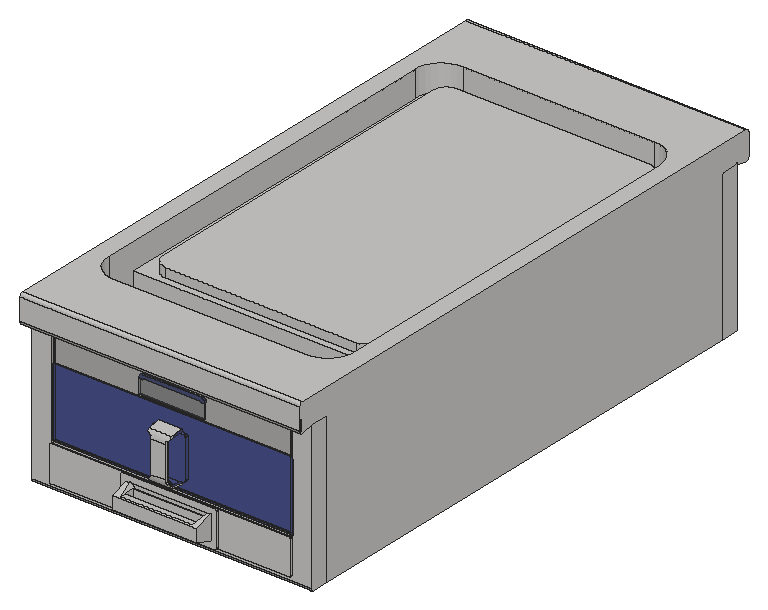
Revit family "QF_ELECTROLUXPROFESSIONAL_588056_MAHMAADOAO", category Specialty Equipment, Revit 2018
Family settings
  Round Connector Dimension = Use Diameter
  Part Type = Normal
  Work Plane-Based = No
  Always vertical = Yes
  Cut with Voids When Loaded = No
  Shared = No
  Room Calculation Point = No
Parameters
  Weight in Pounds = 152.1  # constant formula
  Watts = 5100 VA  # 5100 W
  Volts = 400 V  # constant formula
  URL Cutsheet = ""
  Type Mark [instance] = ""
  Status [instance] = ""
  Specification by User [instance] = ""
  Specification by Manufacturer = ""
  Show Clearance [instance] = yes
  Serial Number = ""
  Seismic Rating = ""
  SMACNA No = ""
  Revision Code [instance] = ""
  Phase = 3  # constant formula
  Omniclass Number and Title = ""
  Number of Poles [instance] = 1
  NAFEM Spec ID Number = ""
  Model = "588056"
  Min Ckt Ampacity = 0 A
  Max Overcurrent Protection = 0 A
  Masterspec = ""
  Manufacturer = "ELECTROLUX"
  Item Number [instance] = ""
  Installed By [instance] = ""
  Identify Quantity as Lot [instance] = yes
  HP = "6.8 HP"
  Furnished By [instance] = ""
  Foodservice Equipment Identifier [instance] = yes
  FL Amps [instance] = if(Phase = 3, Watts / (Volts * 1.73), Watts / Volts)  # 7.36994 A
  Electrical Remarks = "400 V/3N ph/50/60 Hz"  # constant formula
  Electric Connection Type [instance] = ""
  Elec Conn RI Height [instance] = 0 mm
  Elec Conn Connection Height [instance] = 0 mm
  Direct Waste Size = 0"
  Description = "EL.FRYTOP,SMOOTH PL,1-SIDE,400X800X250H"
  Cycle [instance] = if([60 Hertz Option], 60 Hz, 50 Hz)  # 60 Hz
  Conn Plug = ""
  Conn Conduit = yes
  CSI MasterFormat = ""
  CSI Master Format = ""
  Back Panel [instance] = yes
  Apparent Power [instance] = if(Phase = 3, Volts * FL Amps * 1.73, Volts * FL Amps)  # 5100 VA
  60 Hertz Option [instance] = not([50 Hertz Option])  # yes
  50 Hertz Option [instance] = no
Reference planes
  plane 1 "BACK": y = -100
  plane 2: z = 0
  plane 3 "LEFT": x = 0
  plane 4 "RIGHT": x = 400
  plane 5 "FRONT": y = -900
  plane 6 "TOP": z = 250
  plane 7: x = 200
  plane 8: y = -500
  plane 9: z = 582.185
  plane 10: y = -1330
Forms (mm)
  Extrusion 1, solid, material "QF_Finishes_Stainless Steel"
    sketch origin (0, -487.128, 0) x (0, 1, 0) y (0, 0, 1)
      loop
        line (383.128, 250) -> (-408.872, 250)
        arc (-408.872, 250) -> (-411.7, 248.828) -> (-412.872, 246) r 4
        line (-412.872, 246) -> (-412.872, 214)
        arc (-412.872, 214) -> (-411.443, 210.936) -> (-408.177, 210.061) r 4
        line (-408.177, 210.061) -> (-391.509, 213) -> (-366.872, 213) -> (-366.872, 0) -> (341.128, 0) -> (341.128, 213) -> (365.765, 213) -> (382.433, 210.061)
        arc (382.433, 210.061) -> (385.699, 210.936) -> (387.128, 214) r 4
        line (387.128, 214) -> (387.128, 246)
        arc (387.128, 246) -> (385.956, 248.828) -> (383.128, 250) r 4
    from 0 to 400
  Extrusion 2, solid, material "QF_Finishes_Stainless Steel", visible <- "Back Panel"
    sketch origin (0, 0, 0) x (0, 1, 0) y (0, 0, 1)
      loop
        line (-146, 0) -> (-120, 0) -> (-120, 215)
        arc (-120, 215) -> (-120.586, 213.586) -> (-122, 213) r 2
        line (-122, 213) -> (-146, 213) -> (-146, 0)
    from 0 to 400
  Extrusion 3, void
    sketch origin (653.786, -55.952, 250) x (1, 0, 0) y (0, -1, 0)
      loop
        line (-590.636, 133.048) -> (-316.936, 133.048)
        arc (-316.936, 133.048) -> (-289.96, 144.222) -> (-278.786, 171.198) r 38.15
        line (-278.786, 171.198) -> (-278.786, 716.572)
        arc (-278.786, 716.572) -> (-290.056, 743.779) -> (-317.263, 755.048) r 38.476
        line (-317.263, 755.048) -> (-591.786, 755.048)
        arc (-591.786, 755.048) -> (-617.949, 744.211) -> (-628.786, 718.048) r 37
        line (-628.786, 718.048) -> (-628.786, 171.198)
        arc (-628.786, 171.198) -> (-617.613, 144.222) -> (-590.636, 133.048) r 38.15
    from 0 to 37
  Extrusion 4, void
    sketch origin (1307.573, -7.904, 213) x (0, 1, 0) y (1, 0, 0)
      loop
        line (-721.846, -932.573) -> (-764.62, -932.573)
        arc (-764.62, -932.573) -> (-791.827, -943.842) -> (-803.096, -971.049) r 38.476
        line (-803.096, -971.049) -> (-803.096, -1245.573)
        arc (-803.096, -1245.573) -> (-792.259, -1271.736) -> (-766.096, -1282.573) r 37
        line (-766.096, -1282.573) -> (-721.846, -1282.573) -> (-721.846, -932.573)
    from 0 to 25.6
  Extrusion 5, void
    sketch origin (1307.573, -7.904, 187.4) x (-1, 0, 0) y (0, 1, 0)
      loop
        circle (1212.573, -762.096) r 22.248
    from 0 to 92
  Extrusion 6, solid, material "QF_Finishes_Stainless Steel"
    sketch origin (0, -854, 0) x (1, 0, 0) y (0, -1, 0)
      loop
        circle (355, -169) r 6.35
    from 0 to 3.2
  Extrusion 7, solid, material "QF_Door-Drawer Clearances", visible <- "Show Clearance", detail levels coarse
    sketch origin (237.31, -881.593, 8.62) x (0, 0, 1) y (-1, 0, 0)
      loop
        line (1.973, -134.295) -> (49.317, -134.295)
        arc (49.317, -134.295) -> (50.776, -133.691) -> (51.38, -132.232) r 2.063
        line (51.38, -132.232) -> (51.38, 206.852)
        arc (51.38, 206.852) -> (50.88, 208.549) -> (49.541, 209.705) r 3.133
        line (49.541, 209.705) -> (3.067, 209.705)
        arc (3.067, 209.705) -> (0.898, 208.807) -> (0, 206.638) r 3.067
        line (0, 206.638) -> (0, -132.322)
        arc (0, -132.322) -> (0.578, -133.717) -> (1.973, -134.295) r 1.973
    from 0 to 448.407
  Extrusion 8, solid, material "QF_Finishes_Stainless Steel"
    sketch origin (653.786, -55.952, 213) x (1, 0, 0) y (0, 1, 0)
      loop
        line (-608.786, -161.361) -> (-608.786, -645.485)
        arc (-608.786, -645.485) -> (-603.47, -658.319) -> (-590.636, -663.635) r 18.15
        line (-590.636, -663.635) -> (-316.936, -663.635)
        arc (-316.936, -663.635) -> (-304.102, -658.319) -> (-298.786, -645.485) r 18.15
        line (-298.786, -645.485) -> (-298.786, -161.361)
        arc (-298.786, -161.361) -> (-304.102, -148.527) -> (-316.936, -143.211) r 18.15
        line (-316.936, -143.211) -> (-590.636, -143.211)
        arc (-590.636, -143.211) -> (-603.47, -148.527) -> (-608.786, -161.361) r 18.15
    from 0 to 13.3
Cuts and joins
  Extrusion 3, Extrusion 4, Extrusion 5 cuts Extrusion 1
Lines and regions (mm)
  symbolic lines
    curve 1: line (183.666, -902.326, 0) -> (183.666, -900, 0)
    curve 2: spline (189.334, -903.73, 0) -> (188.856, -903.657, 0) -> (188.378, -903.575, 0) -> (187.901, -903.486, 0) -> (187.425, -903.389, 0) -> (186.95, -903.283, 0) -> (186.476, -903.17, 0) -> (186.004, -903.049, 0) -> (185.533, -902.92, 0) -> (185.064, -902.783, 0) -> (184.596, -902.638, 0) -> (184.13, -902.486, 0) -> (183.666, -902.326, 0)
    curve 3: line (215.881, -902.326, 0) -> (215.881, -900, 0)
    curve 4: spline (215.881, -902.326, 0) -> (215.417, -902.486, 0) -> (214.951, -902.638, 0) -> (214.483, -902.783, 0) -> (214.014, -902.92, 0) -> (213.543, -903.049, 0) -> (213.071, -903.17, 0) -> (212.597, -903.283, 0) -> (212.122, -903.389, 0) -> (211.646, -903.486, 0) -> (211.169, -903.575, 0) -> (210.691, -903.657, 0) -> (210.213, -903.73, 0)
    curve 5: line (189.334, -903.73, 0) -> (210.213, -903.73, 0)
    curve 6: line (25, -774, 0) -> (25, -227.15, 0)
    curve 7: arc (25, -227.15, 0) -> (36.174, -200.174, 0) -> (63.15, -189, 0) r 38.15
    curve 8: line (63.15, -189, 0) -> (336.85, -189, 0)
    curve 9: arc (336.85, -189, 0) -> (363.826, -200.174, 0) -> (375, -227.15, 0) r 38.15
    curve 10: line (375, -227.15, 0) -> (375, -772.524, 0)
    curve 11: arc (375, -772.524, 0) -> (363.731, -799.731, 0) -> (336.524, -811, 0) r 38.476
    curve 12: line (336.524, -811, 0) -> (62, -811, 0)
    curve 13: arc (62, -811, 0) -> (35.837, -800.163, 0) -> (25, -774, 0) r 37
    curve 14: line (375, -729.75, 0) -> (25, -729.75, 0)
    curve 15: circle (95, -770, 0) r 22.248 normal (0, 0, -1)
    curve 16: line (0, -100, 0) -> (400, -100, 0)
    curve 17: line (0, -900, 0) -> (0, -100, 0)
    curve 18: line (400, -900, 0) -> (0, -900, 0)
    curve 19: line (400, -100, 0) -> (400, -900, 0)
    curve 20: line (147.608, -908.767, 0) -> (250.042, -908.767, 0)
    curve 21: line (250.042, -908.767, 0) -> (251.588, -900, 0)
    curve 22: line (147.608, -908.767, 0) -> (146.062, -900, 0)
  symbolic lines, style "QF_Door-Drawer Clearances"
    curve 23: line (27.605, -1330, 0) -> (27.605, -900, 0)
    curve 24: line (27.605, -1330, 0) -> (371.605, -1330, 0)
    curve 25: line (371.605, -1330, 0) -> (371.605, -900, 0)
  symbolic lines, style "SpecialityEquipment"
    curve 26: line (355, -701.437, 0) -> (355, -217.313, 0)
    curve 27: arc (355, -217.313, 0) -> (349.684, -204.479, 0) -> (336.85, -199.163, 0) r 18.15
    curve 28: line (336.85, -199.163, 0) -> (63.15, -199.163, 0)
    curve 29: arc (63.15, -199.163, 0) -> (50.316, -204.479, 0) -> (45, -217.313, 0) r 18.15
    curve 30: line (45, -217.313, 0) -> (45, -701.437, 0)
    curve 31: arc (45, -701.437, 0) -> (50.316, -714.271, 0) -> (63.15, -719.587, 0) r 18.15
    curve 32: line (63.15, -719.587, 0) -> (336.85, -719.587, 0)
    curve 33: arc (336.85, -719.587, 0) -> (349.684, -714.271, 0) -> (355, -701.437, 0) r 18.15
Dimensions and locks
  plane 3 "LEFT" to plane 4 "RIGHT" = 400 mm
  plane 5 "FRONT" to plane 1 "BACK" = 800 mm
  equal spacing: plane 3 "LEFT", plane 7, plane 4 "RIGHT"
  equal spacing: plane 5 "FRONT", plane 8, plane 1 "BACK"
  plane 6 "TOP" to level = 250 mm  (x2)
  plane 1 "BACK" to plane 5 "FRONT" = 800 mm
  Extrusion 6 sketch curve to plane 1 "BACK" = 585 mm
  Extrusion 6 sketch curve to plane 4 "RIGHT" = 45 mm
  plane 5 "FRONT" to plane 10 = 430 mm
  radius of Extrusion 8 sketch curve = 18.15 mm  (x4)
  aligned and locked: level to plane 2
  aligned and locked: plane 7 to nested 1
  aligned and locked: Extrusion 7 to plane 10
Automatic sketch dimensions
  Extrusion 2 sketch curve to Extrusion 2 sketch curve = 26 mm
  plane 1 "BACK" to Extrusion 2 sketch curve = 22 mm
  Extrusion 2 sketch curve to Extrusion 2 sketch curve = 2 mm
  level to Extrusion 2 sketch curve = 213 mm
  Extrusion 1 to Extrusion 3 sketch curve = 85 mm  (x2)
  Extrusion 1 to Extrusion 3 sketch curve = 122 mm
  Extrusion 1 to Extrusion 3 sketch curve = 25 mm
  Extrusion 3 sketch curve to Extrusion 3 sketch curve = 38.15 mm  (x2)
  Extrusion 1 to Extrusion 3 sketch curve = 123.476 mm
  Extrusion 3 sketch curve to Extrusion 3 sketch curve = 274.524 mm
  Extrusion 1 sketch curve to plane 5 "FRONT" = 0 mm
  Extrusion 1 sketch curve to plane 6 "TOP" = 0 mm
  Extrusion 1 sketch curve to level = 0 mm
  Extrusion 1 sketch curve to plane 1 "BACK" = 0 mm
  Extrusion 1 sketch curve to plane 6 "TOP" = 37 mm  (x2)
  Extrusion 1 sketch curve to plane 5 "FRONT" = 4 mm
  Extrusion 1 sketch curve to plane 5 "FRONT" = 21.363 mm
  Extrusion 1 sketch curve to plane 5 "FRONT" = 46 mm
  plane 1 "BACK" to Extrusion 1 sketch curve = 21.363 mm
  plane 1 "BACK" to Extrusion 1 sketch curve = 4 mm  (x2)
  Extrusion 1 sketch curve to Extrusion 1 sketch curve = 4 mm
  Extrusion 1 sketch curve to Extrusion 1 sketch curve = 0.695 mm
  Extrusion 1 sketch curve to Extrusion 1 sketch curve = 0 mm  (x4)
  plane 1 "BACK" to Extrusion 1 sketch curve = 4.695 mm
  Extrusion 1 sketch curve to Extrusion 1 sketch curve = 1 mm  (x2)
  plane 1 "BACK" to Extrusion 1 sketch curve = 46 mm
  Extrusion 4 sketch curve to Extrusion 3 = 81.25 mm
  Extrusion 3 to Extrusion 4 sketch curve = 0 mm  (x2)
  Extrusion 4 sketch curve to Extrusion 4 sketch curve = 37 mm
  Extrusion 4 sketch curve to Extrusion 4 sketch curve = 274.524 mm
  Extrusion 4 sketch curve to Extrusion 3 = 38.476 mm
  Extrusion 5 sketch curve to Extrusion 4 = 41 mm
  Extrusion 5 sketch curve to Extrusion 4 = 70 mm
  Extrusion 7 sketch curve to nested 1 = 1.973 mm
  Extrusion 7 sketch curve to nested 1 = 2.853 mm
  Extrusion 7 sketch curve to nested 1 = 1.839 mm
  plane 1 "BACK" to curve 16 = 0 mm
  curve 16 to plane 4 "RIGHT" = 0 mm
  curve 23 to plane 10 = 0 mm
  curve 17 to plane 3 "LEFT" = 0 mm
  plane 5 "FRONT" to curve 25 = 0 mm
  plane 4 "RIGHT" to curve 10 = 25 mm
  curve 10 to curve 8 = 38.15 mm
  curve 11 to curve 12 = 38.476 mm
  plane 5 "FRONT" to curve 21 = 8.767 mm
  plane 5 "FRONT" to curve 3 = 2.326 mm
  plane 7 to curve 3 = 15.881 mm
  plane 5 "FRONT" to curve 5 = 3.73 mm
  curve 3 to curve 5 = 5.669 mm
  curve 5 to curve 22 = 62.605 mm
  curve 5 to curve 20 = 41.727 mm
  plane 5 "FRONT" to curve 1 = 2.326 mm
  curve 2 to curve 1 = 5.669 mm
  plane 3 "LEFT" to curve 8 = 63.15 mm
  plane 3 "LEFT" to curve 12 = 62 mm
  plane 3 "LEFT" to curve 23 = 27.605 mm
  plane 3 "LEFT" to curve 6 = 25 mm
  plane 4 "RIGHT" to curve 25 = 28.395 mm
  plane 5 "FRONT" to curve 4 = 4.032 mm
  curve 5 to curve 4 = 4.17 mm
  curve 4 to curve 22 = 59.98 mm
  curve 4 to curve 2 = 12.538 mm
  curve 15 to curve 13 = 33 mm
  plane 1 "BACK" to curve 8 = 89 mm
  curve 10 to plane 5 "FRONT" = 127.476 mm
  curve 14 to curve 13 = 44.25 mm
  curve 15 to curve 13 = 4 mm
  curve 2 to curve 4 = 0 mm
  Extrusion 8 sketch curve to Extrusion 3 = 20 mm
  Extrusion 8 sketch curve to Extrusion 3 = 91.413 mm
  Extrusion 8 sketch curve to Extrusion 3 = 38.15 mm
  Extrusion 8 sketch curve to Extrusion 3 = 28.313 mm
  Extrusion 8 sketch curve to Extrusion 8 sketch curve = 0 mm
  plane 4 "RIGHT" to curve 26 = 45 mm
  plane 3 "LEFT" to curve 28 = 63.15 mm
  plane 1 "BACK" to curve 28 = 99.163 mm
  curve 28 to curve 8 = 0 mm
  curve 33 to curve 32 = 18.15 mm
  curve 32 to curve 14 = 38.15 mm
  curve 29 to curve 30 = 18.15 mm
  curve 30 to curve 14 = 28.313 mm
  plane 7 to curve 21 = 50.042 mm
  curve 21 to curve 20 = 1.546 mm
  Extrusion 2 sketch curve to level = 0 mm
  radius of Extrusion 5 sketch curve = 22.248 mm
  radius of Extrusion 6 sketch curve = 6.35 mm
  radius of Extrusion 7 sketch curve to nested 1 = 0 mm  (x2)
  radius of curve 15 = 22.248 mm
Nested families
  nested 1: "EG_800_400 Front Panel with Center Grease Trap" at (202.376, -854, -650), type "EG_800_400 Front Panel with Center Grease Trap"
Connectors
  electrical at (355, -685, -3.2), driven by "Volts", driven by "Watts"
    settings: on Extrusion 6, index 1, voltage 400 V, apparent load 5100 VA, apparent load phase1 0 VA, apparent load phase2 0 VA, apparent load phase3 0 VA, power factor 1, load classification "Other", number of poles 1, system type 30, power factor state 1, is connector primary yes, connector utility no, sub classification motor no, connector description "ELECTRICAL CONNECTION"
Definition of nested family "EG_800_400 Front Panel with Center Grease Trap"
  Reference planes
    plane 1 "Center (Front/Back)": y = 0
    plane 2: z = 0
    plane 3 "Center (Left/Right)": x = -2.376
    plane 4: x = -202.376
    plane 5: x = 197.624
  Forms (mm)
    Extrusion 1, solid
      sketch origin (833.217, 829.203, -1.25) x (0, 1, 0) y (0, 0, 1)
        loop
          arc (-854.203, 654.25) -> (-853.324, 652.129) -> (-851.203, 651.25) r 3
          line (-851.203, 651.25) -> (-829.203, 651.25) -> (-829.203, 864.25) -> (-854.203, 864.25) -> (-854.203, 654.25)
      from -1035.593 to -635.593
    Extrusion 2, void
      sketch origin (33.217, 829.203, -1.25) x (1, 0, 0) y (0, 0, 1)
        loop
          line (-207.593, 855.116) -> (-207.593, 713.116) -> (136.407, 713.116) -> (136.407, 855.116) -> (-207.593, 855.116)
      from 848.59 to 854.203
  Cuts and joins
    Extrusion 2 cuts Extrusion 1
  Dimensions and locks
    equal spacing: plane 5, plane 3 "Center (Left/Right)", plane 4
    plane 5 to plane 4 = 400 mm
    aligned and locked: cut or joined group of Extrusion 1, Extrusion 2 to plane 4
    aligned and locked: plane 5 to cut or joined group of Extrusion 1, Extrusion 2
    aligned and locked: plane 3 "Center (Left/Right)" to nested 2
    aligned and locked: cut or joined group of Extrusion 1, Extrusion 2 to nested 2
    aligned and locked: plane 3 "Center (Left/Right)" to nested 1
    aligned and locked: plane 3 "Center (Left/Right)" to nested 3
  Automatic sketch dimensions
    Extrusion 1 sketch curve to plane 1 "Center (Front/Back)" = 0 mm
    plane 1 "Center (Front/Back)" to Extrusion 1 sketch curve = 22 mm
    Extrusion 1 sketch curve to Extrusion 1 sketch curve = 3 mm
    level to Extrusion 1 sketch curve = 650 mm
    Extrusion 1 sketch curve to Extrusion 1 sketch curve = 210 mm
    plane 4 to Extrusion 2 sketch curve = 28 mm
    Extrusion 2 sketch curve to plane 5 = 28 mm
    level to Extrusion 2 sketch curve = 711.866 mm
    Extrusion 2 sketch curve to Extrusion 2 sketch curve = 142 mm
  Nested families
    nested 1: "Range Control Handle" at (-2.376, -28.137, -209.113) x (-1, 0, 0) z (0, 0, 1), type "Range Control Handle"
    nested 2: "glass conrol panel" at (-2.376, 280.644, 2.752), type "glass conrol panel"
    nested 3: "grease trap door" at (65.223, -25, 0.608) x (-1, 0, 0) z (0, 0, 1), type "grease trap door"
  Definition of nested family "Range Control Handle"
    Reference planes
      plane 1 "Center (Front/Back)": y = 0
      plane 2: z = 0
      plane 3 "Center (Left/Right)": x = 0
      plane 4: z = 971.092
    Forms (mm)
      Extrusion 1, solid
        sketch origin (-746.28, 380.497, 208.931) x (-1, 0, 0) y (0, 0, 1)
          loop
            line (-770.101, 786.798) -> (-770.101, 731.649)
            arc (-770.101, 731.649) -> (-769.759, 730.563) -> (-768.855, 729.87) r 1.893
            line (-768.855, 729.87) -> (-763.474, 727.911) -> (-729.81, 727.911) -> (-724.428, 729.87)
            arc (-724.428, 729.87) -> (-723.525, 730.563) -> (-723.183, 731.649) r 1.893
            line (-723.183, 731.649) -> (-723.183, 786.798)
            arc (-723.183, 786.798) -> (-723.529, 787.894) -> (-724.44, 788.593) r 1.91
            line (-724.44, 788.593) -> (-729.683, 790.819) -> (-763.601, 790.819) -> (-768.844, 788.593)
            arc (-768.844, 788.593) -> (-769.755, 787.894) -> (-770.101, 786.798) r 1.91
        from -382.35 to -378.852
      Sweep 2, solid
        path origin (-746.788, 380.496, 208.091) x (0, -1, 0) y (0, 0, 1)
          loop
            line (379.775, 793.281) -> (395.661, 791.048)
            arc (395.661, 791.048) -> (397.781, 787.377) -> (398.517, 783.202) r 12.207
            line (398.517, 783.202) -> (398.517, 737.368)
            arc (398.517, 737.368) -> (397.781, 733.193) -> (395.661, 729.522) r 12.207
            line (395.661, 729.522) -> (379.775, 727.289)
        profile origin (-746.788, -7.222, 1000.256) x (0, -0.139173, 0.990268) y (-1, 0, 0)
          loop
            line (0.782, -763.123) -> (0.782, -730.907) -> (-1.322, -730.907) -> (-1.322, -763.123) -> (0.782, -763.123)
      Sweep 3, solid
        path origin (-746.788, 380.715, 207.832) x (0, -1, 0) y (0, 0, 1)
          loop
            line (380.478, 795.442) -> (397.218, 793.09)
            arc (397.218, 793.09) -> (399.929, 788.473) -> (400.871, 783.202) r 15.207
            line (400.871, 783.202) -> (400.871, 737.584)
            arc (400.871, 737.584) -> (399.914, 732.274) -> (397.164, 727.633) r 15.207
            line (397.164, 727.633) -> (380.601, 725.305)
        profile origin (-746.788, -8.132, 1002.099) x (0, -0.139173, 0.990268) y (-1, 0, 0)
          loop
            line (0.782, -763.123) -> (0.782, -730.907) -> (-1.322, -730.907) -> (-1.322, -763.123) -> (0.782, -763.123)
      Extrusion 4, void
        sketch origin (889.253, 220.666, 207.993) x (1, 0, 0) y (0, 0, 1)
          loop
            line (-943.038, 816.854) -> (-943.038, 703.686) -> (-899.466, 734.196) -> (-899.466, 786.344) -> (-943.038, 816.854)
        from 230.636 to 242.25
      Extrusion 5, void
        sketch origin (-888.8, 220.666, 207.993) x (-1, 0, 0) y (0, 0, -1)
          loop
            line (-943.038, -816.854) -> (-899.466, -786.344) -> (-899.466, -734.196) -> (-943.038, -703.686) -> (-943.038, -816.854)
        from 230.636 to 242.25
      Extrusion 6, solid
        sketch origin (0, 0, 0) x (1, 0, 0) y (0, 0, 1)
          loop
            circle (0, 971.092) r 7.736
        from -3.137 to -1.645
    Cuts and joins
      Extrusion 4, Extrusion 5 cuts Sweep 3
      Extrusion 4, Extrusion 5 cuts Sweep 2
      joined: Extrusion 1, Extrusion 6
    Lines and regions (mm)
      symbolic lines
        curve 1: line (23.821, 1.645, 0) -> (-23.097, 1.645, 0)
        curve 2: line (16.334, -1.853, 0) -> (23.821, -1.853, 0)
        curve 3: line (-15.881, -19.189, 0) -> (-15.881, -1.853, 0)
        curve 4: line (-23.097, -1.853, 0) -> (-15.881, -1.853, 0)
        curve 5: line (16.334, -19.189, 0) -> (16.334, -1.853, 0)
        curve 6: spline (-15.881, -19.189, 0) -> (-15.417, -19.349, 0) -> (-14.951, -19.501, 0) -> (-14.483, -19.646, 0) -> (-14.014, -19.783, 0) -> (-13.543, -19.912, 0) -> (-13.071, -20.033, 0) -> (-12.597, -20.146, 0) -> (-12.122, -20.251, 0) -> (-11.646, -20.349, 0) -> (-11.169, -20.438, 0) -> (-10.691, -20.52, 0) -> (-10.213, -20.593, 0)
        curve 7: spline (10.666, -20.593, 0) -> (11.144, -20.52, 0) -> (11.622, -20.438, 0) -> (12.099, -20.349, 0) -> (12.575, -20.251, 0) -> (13.05, -20.146, 0) -> (13.524, -20.033, 0) -> (13.996, -19.912, 0) -> (14.467, -19.783, 0) -> (14.936, -19.646, 0) -> (15.404, -19.501, 0) -> (15.87, -19.349, 0) -> (16.334, -19.189, 0)
        curve 8: line (-10.213, -20.938, 0) -> (10.716, -20.938, 0)
        curve 9: line (-23.097, 1.645, 0) -> (-23.097, -1.853, 0)
        curve 10: line (23.821, 1.645, 0) -> (23.821, -1.853, 0)
  Definition of nested family "glass conrol panel"
    Reference planes
      plane 1 "Center (Front/Back)": y = 0
      plane 2: z = 0
      plane 3 "Center (Left/Right)": x = 0
    Forms (mm)
      Extrusion 1, solid
        sketch origin (378.286, 0, 0.617) x (1, 0, 0) y (0, 0, 1)
          loop
            line (-550.286, 806.791) -> (-550.286, 708.497) -> (-206.286, 708.497) -> (-206.286, 806.791) -> (-550.286, 806.791)
        from 300.031 to 304.8
      Extrusion 2, solid
        sketch origin (378.286, 0, 0.617) x (1, 0, 0) y (0, 0, 1)
          loop
            line (-550.286, 850.497) -> (-550.286, 806.791) -> (-206.286, 806.791) -> (-206.286, 850.497) -> (-550.286, 850.497)
        from 300.031 to 304.8
      Extrusion 3, void
        sketch origin (378.286, 0, 0.617) x (1, 0, 0) y (0, 0, 1)
          loop
            line (-547.628, 847.565) -> (-547.628, 710.699) -> (-209.196, 710.699) -> (-209.196, 847.565) -> (-547.628, 847.565)
        from 303.697 to 304.8
      Extrusion 4, solid
        sketch origin (-308.309, 1.101, -0.633) x (-1, 0, 0) y (0, 0, -1)
          loop
            line (-261.431, -812.62) -> (-355.186, -812.62) -> (-355.186, -834.177) -> (-350.269, -834.177) -> (-348.469, -835.977) -> (-268.039, -835.977) -> (-266.24, -834.177) -> (-261.431, -834.177) -> (-261.431, -812.62)
        from 304.798 to 306.745
      Extrusion 5, solid
        sketch origin (-308.309, 1.101, -0.633) x (-1, 0, 0) y (0, 0, -1)
          loop
            line (-350.269, -834.177) -> (-355.078, -834.177)
            arc (-355.078, -834.177) -> (-353.942, -838.747) -> (-349.686, -840.763) r 5.5
            line (-349.686, -840.763) -> (-266.98, -840.763)
            arc (-266.98, -840.763) -> (-262.706, -838.752) -> (-261.529, -834.177) r 5.549
            line (-261.529, -834.177) -> (-266.24, -834.177) -> (-268.039, -835.977) -> (-348.469, -835.977) -> (-350.269, -834.177)
        from 304.798 to 306.745
    Cuts and joins
      Extrusion 3 cuts Extrusion 1
      Extrusion 3 cuts Extrusion 2
    Dimensions and locks
      aligned and locked: Extrusion 1 to Extrusion 2
      aligned and locked: Extrusion 5 sketch curve to Extrusion 4  (x5)
      aligned and locked: Extrusion 5 to Extrusion 4
  Definition of nested family "grease trap door"
    Reference planes
      plane 1 "Center (Front/Back)": y = 0
      plane 2: z = 0
      plane 3 "Center (Left/Right)": x = 0
    Forms (mm)
      Extrusion 1, solid
        sketch origin (1627.55, 854.203, -1.25) x (1, 0, 0) y (0, 0, 1)
          loop
            arc (-1627.55, 661.235) -> (-1626.972, 659.84) -> (-1625.577, 659.262) r 1.973
            line (-1625.577, 659.262) -> (-1494.325, 659.262)
            arc (-1494.325, 659.262) -> (-1492.156, 660.16) -> (-1491.258, 662.329) r 3.067
            line (-1491.258, 662.329) -> (-1491.258, 708.803)
            arc (-1491.258, 708.803) -> (-1492.414, 710.143) -> (-1494.111, 710.642) r 3.133
            line (-1494.111, 710.642) -> (-1625.486, 710.642)
            arc (-1625.486, 710.642) -> (-1626.945, 710.038) -> (-1627.55, 708.579) r 2.063
            line (-1627.55, 708.579) -> (-1627.55, 661.235)
        from 856.795 to 859.203
      Extrusion 2, solid
        sketch origin (445.874, 2476.61, 0) x (0, 1, 0) y (0, 0, 1)
          loop
            line (-2506.377, 675.273) -> (-2481.61, 667.505) -> (-2481.61, 700.995) -> (-2506.377, 693.227) -> (-2506.377, 675.273)
        from -437.68 to -317.68
      Extrusion 3, void
        sketch origin (1627.55, 854.203, -1.25) x (1, 0, 0) y (0, 0, 1)
          loop
            line (-1614.883, 703) -> (-1610.542, 695.433) -> (-1508.17, 695.433) -> (-1503.828, 703) -> (-1614.883, 703)
          loop
            line (-1614.883, 668) -> (-1502.669, 668) -> (-1507.01, 675.567) -> (-1610.542, 675.567) -> (-1614.883, 668)
        from 832.916 to 883.97
      Extrusion 4, void
        sketch origin (447.55, 854.203, -1.25) x (1, 0, 0) y (0, 0, 1)
          loop
            line (-430.542, 695.433) -> (-430.542, 675.567) -> (-328.17, 675.567) -> (-328.17, 695.433) -> (-430.542, 695.433)
        from 859.203 to 874.202
      Extrusion 5, solid
        sketch origin (1627.55, 854.203, -1.25) x (1, 0, 0) y (0, 0, 1)
          loop
            arc (-1731.556, 661.235) -> (-1730.978, 659.84) -> (-1729.583, 659.262) r 1.973
            line (-1729.583, 659.262) -> (-1390.623, 659.262)
            arc (-1390.623, 659.262) -> (-1388.454, 660.16) -> (-1387.556, 662.329) r 3.067
            line (-1387.556, 662.329) -> (-1387.556, 708.803)
            arc (-1387.556, 708.803) -> (-1388.712, 710.143) -> (-1390.409, 710.642) r 3.133
            line (-1390.409, 710.642) -> (-1729.493, 710.642)
            arc (-1729.493, 710.642) -> (-1730.952, 710.038) -> (-1731.556, 708.579) r 2.063
            line (-1731.556, 708.579) -> (-1731.556, 661.235)
        from 854.203 to 856.795
    Cuts and joins
      Extrusion 3 cuts Extrusion 1
      Extrusion 3, Extrusion 4 cuts Extrusion 2
      joined: Extrusion 1, Extrusion 2
    Lines and regions (mm)
      symbolic lines
        curve 1: line (0, -2.593, 0) -> (136.292, -2.593, 0)
        curve 2: line (17.557, -29.767, 0) -> (12.667, -2.593, 0)
        curve 3: line (17.557, -29.767, 0) -> (119.991, -29.767, 0)
        curve 4: line (119.991, -29.767, 0) -> (124.881, -2.593, 0)
        curve 5: line (68.146, -2.593, 0) -> (68.146, -29.767, 0)
      model lines
        curve 6: line (67.599, 0, 658.012) -> (67.599, 0, 709.392)
    Dimensions and locks
      aligned and locked: Extrusion 2 to Extrusion 1
      aligned and locked: Extrusion 3 to Extrusion 2
      aligned and locked: Extrusion 4 to Extrusion 1
